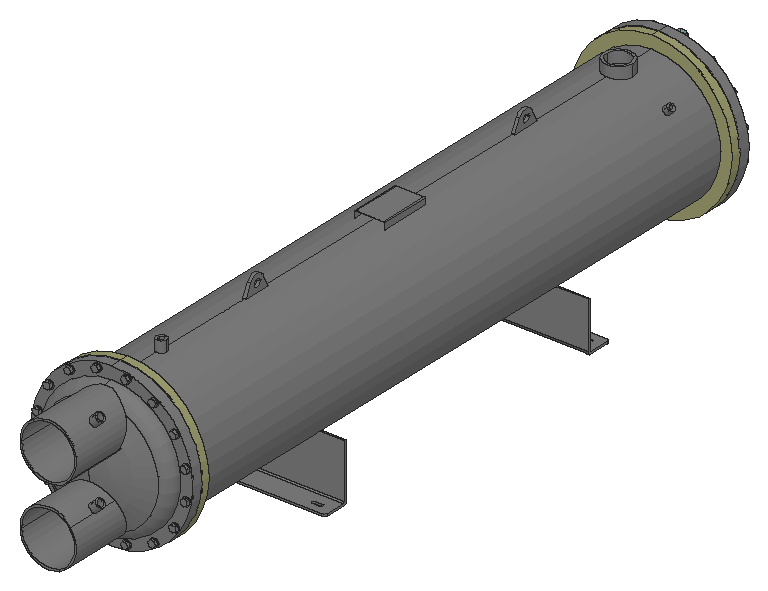
Revit family "MIT-BCM_1040_4P", category Specialty Equipment, Revit 2022
Family settings
  Round Connector Dimension = Use Radius
  Part Type = Normal
  Work Plane-Based = No
  Always vertical = Yes
  Cut with Voids When Loaded = No
  Maintain Annotation Orientation = No
  Shared = No
  Room Calculation Point = No
Parameters
  URL = "https://en.ekinendustriyel.com/evaporators-and-condensers"
  Test Pressure = 64.35 bar
  Production Standard = "TS EN 13831"
  Operating Pressure = 45.0 bar
  Model = "MIT-BCM 1040_4P"
  Manufacturer = "Ekin Endüstriyel"
  Keynote = "Condensers"
  Description = "MIT- Condensers"
  Default Elevation = 0 mm
Reference planes
  plane 1 "Center (Front/Back)": y = 0
  plane 2: z = 0
  plane 3 "Center (Left/Right)": x = 0
  plane 4 "Center L/S": z = 189.822
Forms (mm)
  Extrusion 1, solid, material "Ekin Endustriyel-S235JR"
    sketch origin (0, 0, 0) x (1, 0, 0) y (0, 0, 1)
      loop
        circle (0, 303.2) r 203.2
    from -1014.666 to 935.166
  Extrusion 2, solid, material "Ekin Endustriyel-S235JR"
    sketch origin (0, 40, 265.699) x (1, 0, 0) y (0, 0, 1)
      loop
        line (-45, 213.306) -> (-44, 213.306) -> (-44, 252.88)
        arc (-44, 252.88) -> (-43.414, 254.294) -> (-42, 254.88) r 2
        line (-42, 254.88) -> (42, 254.88)
        arc (42, 254.88) -> (43.414, 254.294) -> (44, 252.88) r 2
        line (44, 252.88) -> (44, 204.624) -> (45, 204.624) -> (45, 252.88)
        arc (45, 252.88) -> (44.121, 255.002) -> (42, 255.88) r 3
        line (42, 255.88) -> (-42, 255.88)
        arc (-42, 255.88) -> (-44.121, 255.002) -> (-45, 252.88) r 3
        line (-45, 252.88) -> (-45, 213.306)
    from -75 to 75
  Extrusion 3, solid, material "Ekin Endustriyel-S235JR"
    sketch origin (0, 640.19, 79.455) x (1, 0, 0) y (0, 1, 0)
      loop
        circle (0, 249.81) r 42.75
      loop
        circle (0, 249.81) r 35.079
    from 456.945 to 380.83
  Extrusion 4, solid, material "Ekin Endustriyel-S235JR"
    sketch origin (0, -559.681, 76.35) x (1, 0, 0) y (0, 1, 0)
      loop
        circle (0, -250.334) r 15
      loop
        circle (0, -250.334) r 8.928
    from 460.05 to 374.088
  Extrusion 5, solid, material "Ekin Endustriyel-S235JR"
    sketch origin (122.291, 889.856, 401.812) x (0, 1, 0) y (-0.707107, 0, 0.707107)
      loop
        circle (0.144, 16.744) r 11
      loop
        circle (0.144, 16.744) r 6.244
    from 64.998 to -32.02
  Extrusion 6, solid, material "Ekin Endustriyel-S235JR"
    sketch origin (0, -500.291, 0) x (1, 0, 0) y (0, 1, 0)
      loop
        circle (0, -309.709) r 29.75
      loop
        circle (0, -309.709) r 23.144
    from 70 to 169.15
  Extrusion 7, solid, material "Ekin Endustriyel-S235JR", detail levels coarse
    sketch origin (0, 0, 12.15) x (1, 0, 0) y (0, 0, 1)
      loop
        circle (0, 291.05) r 240
    from -1158.593 to 1229.2
  Extrusion 8, solid, material "Ekin Endustriyel-S235JR"
    sketch origin (0, -275.334, 0) x (0, -1, 0) y (0, 0, -1)
      loop
        line (134.666, -9) -> (134.666, -170) -> (139.666, -170) -> (139.666, -9)
        arc (139.666, -9) -> (140.837, -6.172) -> (143.666, -5) r 4
        line (143.666, -5) -> (214.666, -5) -> (214.666, 0) -> (143.666, 0)
        arc (143.666, 0) -> (137.302, -2.636) -> (134.666, -9) r 9
    from -230 to 230
  Extrusion 9, solid, material "Ekin Endustriyel-S235JR", detail levels medium+fine
    sketch origin (40, -549.666, 12.133) x (1, 0, 0) y (0, 0, 1)
      loop
        circle (-40, 406.067) r 79.2
      loop
        circle (-40, 176.067) r 79.2
      loop
        arc (27.319, 355.576) -> (-31.258, 489.761) -> (-116.3, 370.577) r 84.15
        arc (-116.3, 370.577) -> (-48.742, 322.372) -> (27.319, 355.576) r 84.15
      loop
        arc (-116.3, 211.556) -> (-31.258, 92.372) -> (27.319, 226.558) r 84.15
        arc (27.319, 226.558) -> (-48.742, 259.761) -> (-116.3, 211.556) r 84.15
    from 390.526 to 679.534
  Extrusion 10, solid, material "Ekin Endustriyel-S235JR"
    sketch origin (0, -0.334, 150.102) x (0, -1, 0) y (0, 0, -1)
      loop
        line (-644.444, -224.729) -> (-562.806, -392.192)
        arc (-562.806, -392.192) -> (-540.334, -406.237) -> (-517.863, -392.192) r 25
        line (-517.863, -392.192) -> (-436.225, -224.729) -> (-644.444, -224.729)
      loop
        circle (-540.334, -381.237) r 12.5
      loop
        line (553.432, -245.946) -> (365.899, -245.946) -> (437.194, -392.192)
        arc (437.194, -392.192) -> (459.666, -406.237) -> (482.137, -392.192) r 25
        line (482.137, -392.192) -> (553.432, -245.946)
      loop
        circle (459.666, -381.237) r 12.5
    from -5 to 5
  Extrusion 11, solid, material "Ekin Endustriyel-AISI316L", detail levels medium+fine
    sketch origin (0, -549.666, 12.133) x (1, 0, 0) y (0, 0, 1)
      loop
        circle (0, 291.067) r 240
    from 385.5 to 409.5
  Extrusion 12, solid, material "Ekin Endustriyel-S235JR"
    sketch origin (0, 356.334, 0) x (0, 1, 0) y (0, 0, 1)
      loop
        arc (134.666, 9) -> (137.302, 2.636) -> (143.666, 0) r 9
        line (143.666, 0) -> (213.666, 0) -> (213.666, 5) -> (143.666, 5)
        arc (143.666, 5) -> (140.837, 6.172) -> (139.666, 9) r 4
        line (139.666, 9) -> (139.666, 150) -> (134.666, 150) -> (134.666, 9)
    from -230 to 230
  Extrusion 13, void
    sketch origin (0, 551, 5) x (0, -1, 0) y (1, 0, 0)
      loop
        line (17.25, 175) -> (17.25, 195)
        arc (17.25, 195) -> (11, 201.25) -> (4.75, 195) r 6.25
        line (4.75, 195) -> (4.75, 175)
        arc (4.75, 175) -> (11, 168.75) -> (17.25, 175) r 6.25
      loop
        line (-9, 230) -> (-29, 230) -> (-29, -230) -> (-9, -230)
        arc (-9, -230) -> (-16.071, -227.071) -> (-19, -220) r 10
        line (-19, -220) -> (-19, 220)
        arc (-19, 220) -> (-16.071, 227.071) -> (-9, 230) r 10
      loop
        arc (4.75, -195) -> (11, -201.25) -> (17.25, -195) r 6.25
        line (17.25, -195) -> (17.25, -175)
        arc (17.25, -175) -> (11, -168.75) -> (4.75, -175) r 6.25
        line (4.75, -175) -> (4.75, -195)
    from -5 to 0
  Extrusion 14, solid, material "Ekin Endustriyel-S235JR", detail levels medium+fine
    sketch origin (-265.667, -549.666, 277.8) x (0, 0, -1) y (-1, 0, 0)
      loop
        line (-255.169, -303.425) -> (-255.938, -314.367) -> (-246.846, -320.505) -> (-236.985, -315.699) -> (-236.216, -304.757) -> (-245.308, -298.619) -> (-255.169, -303.425)
      loop
        line (-255.169, -227.909) -> (-245.308, -232.714) -> (-236.216, -226.577) -> (-236.985, -215.634) -> (-246.846, -210.829) -> (-255.938, -216.966) -> (-255.169, -227.909)
      loop
        line (204.369, -303.425) -> (194.508, -298.619) -> (185.416, -304.757) -> (186.185, -315.699) -> (196.046, -320.505) -> (205.138, -314.367) -> (204.369, -303.425)
      loop
        line (204.369, -227.909) -> (205.138, -216.966) -> (196.046, -210.829) -> (186.185, -215.634) -> (185.416, -226.577) -> (194.508, -232.714) -> (204.369, -227.909)
      loop
        line (12.358, -495.436) -> (23.301, -496.205) -> (29.438, -487.112) -> (24.633, -477.251) -> (13.69, -476.482) -> (7.553, -485.574) -> (12.358, -495.436)
      loop
        line (-63.158, -495.436) -> (-58.353, -485.574) -> (-64.49, -476.482) -> (-75.433, -477.251) -> (-80.238, -487.112) -> (-74.101, -496.205) -> (-63.158, -495.436)
      loop
        line (12.358, -35.898) -> (7.553, -45.759) -> (13.69, -54.851) -> (24.633, -54.082) -> (29.438, -44.221) -> (23.301, -35.129) -> (12.358, -35.898)
      loop
        line (-63.158, -35.898) -> (-74.101, -35.129) -> (-80.238, -44.221) -> (-75.433, -54.082) -> (-64.49, -54.851) -> (-58.353, -45.759) -> (-63.158, -35.898)
      loop
        line (-161.172, -454.837) -> (-153.978, -463.118) -> (-143.209, -461.029) -> (-139.634, -450.658) -> (-146.828, -442.377) -> (-157.597, -444.466) -> (-161.172, -454.837)
      loop
        line (-214.57, -401.439) -> (-204.199, -397.864) -> (-202.11, -387.095) -> (-210.391, -379.901) -> (-220.762, -383.476) -> (-222.851, -394.245) -> (-214.57, -401.439)
      loop
        line (163.77, -129.895) -> (153.399, -133.47) -> (151.31, -144.238) -> (159.591, -151.432) -> (169.962, -147.857) -> (172.051, -137.088) -> (163.77, -129.895)
      loop
        line (110.372, -76.497) -> (103.178, -68.215) -> (92.409, -70.305) -> (88.834, -80.675) -> (96.028, -88.957) -> (106.797, -86.867) -> (110.372, -76.497)
      loop
        line (163.77, -401.439) -> (172.051, -394.245) -> (169.962, -383.476) -> (159.591, -379.901) -> (151.31, -387.095) -> (153.399, -397.864) -> (163.77, -401.439)
      loop
        line (110.372, -454.837) -> (106.797, -444.466) -> (96.028, -442.377) -> (88.834, -450.658) -> (92.409, -461.029) -> (103.178, -463.118) -> (110.372, -454.837)
      loop
        line (-161.172, -76.497) -> (-157.597, -86.867) -> (-146.828, -88.957) -> (-139.634, -80.675) -> (-143.209, -70.305) -> (-153.978, -68.215) -> (-161.172, -76.497)
      loop
        line (-214.57, -129.895) -> (-222.851, -137.088) -> (-220.762, -147.857) -> (-210.391, -151.432) -> (-202.11, -144.238) -> (-204.199, -133.47) -> (-214.57, -129.895)
    from -452.334 to -444.834
  Extrusion 15, solid, material "Ekin Endustriyel-S235JR", detail levels medium+fine
    sketch origin (-265.667, -549.666, 277.8) x (0, 0, -1) y (-1, 0, 0)
      loop
        circle (-246.077, -309.562) r 11.75
      loop
        circle (-246.077, -221.771) r 11.75
      loop
        circle (195.277, -309.562) r 11.75
      loop
        circle (195.277, -221.771) r 11.75
      loop
        circle (-150.274, -453.059) r 11.75
      loop
        circle (-212.352, -390.981) r 11.75
      loop
        circle (161.81, -140.975) r 11.75
      loop
        circle (99.732, -78.897) r 11.75
      loop
        circle (18.624, -486.655) r 11.75
      loop
        circle (-69.166, -486.655) r 11.75
      loop
        circle (18.624, -45.301) r 11.75
      loop
        circle (-69.166, -45.301) r 11.75
      loop
        circle (161.81, -390.981) r 11.75
      loop
        circle (99.732, -453.059) r 11.75
      loop
        circle (-150.274, -78.897) r 11.75
      loop
        circle (-212.352, -140.975) r 11.75
    from -444.834 to -442.334
  Extrusion 16, solid, material "Ekin Endustriyel-S235JR", detail levels medium+fine
    sketch origin (41.929, -1134.762, 439.914) x (0, 1, 0) y (-0.707107, 0, 0.707107)
      loop
        circle (0.583, 14.294) r 13.45
      loop
        circle (0.583, 14.294) r 10.65
    from 64.998 to 37.156
  Extrusion 17, solid, material "Ekin Endustriyel-S235JR", detail levels medium+fine
    sketch origin (41.929, -1134.762, 209.914) x (0, 1, 0) y (-0.707107, 0, 0.707107)
      loop
        circle (0.583, 14.294) r 13.45
      loop
        circle (0.583, 14.294) r 10.65
    from 64.998 to 37.156
  Extrusion 18, solid, material "Ekin Endustriyel-S235JR", detail levels medium+fine
    sketch origin (0, -577.737, 12.133) x (1, 0, 0) y (0, 0, 1)
      loop
        circle (0, 291.067) r 240
    from 381.5 to 414.5
  Extrusion 19, solid, material "Ekin Endustriyel-AISI316L", detail levels medium+fine
    sketch origin (0, 549.666, 12.133) x (1, 0, 0) y (0, 0, -1)
      loop
        circle (0, -291.067) r 240
    from 465 to 490
  Revolve 20, solid, material "Ekin Endustriyel-S235JR", detail levels medium+fine
    sketch origin (0, 549.666, 12.133) x (0, -1, 0) y (0, 0, -1)
      loop
        line (-523.072, -291.067) -> (-609.631, -291.067)
        arc (-609.631, -291.067) -> (-598.405, -380.757) -> (-567.342, -465.642) r 400.314
        arc (-567.342, -465.642) -> (-550.309, -487.811) -> (-523.072, -494.112) r 41.428
        line (-523.072, -494.112) -> (-523.072, -291.067)
      axis (-523.072, -291.067) -> (-609.631, -291.067)
    angle from 0 to 360
  Extrusion 21, solid, material "Ekin Endustriyel-S235JR", detail levels medium+fine
    sketch origin (-265.667, 549.666, 277.8) x (0, 0, -1) y (1, 0, 0)
      loop
        line (-255.169, 303.425) -> (-245.308, 298.619) -> (-236.216, 304.757) -> (-236.985, 315.699) -> (-246.846, 320.505) -> (-255.938, 314.367) -> (-255.169, 303.425)
      loop
        line (-255.169, 227.909) -> (-255.938, 216.966) -> (-246.846, 210.829) -> (-236.985, 215.634) -> (-236.216, 226.577) -> (-245.308, 232.714) -> (-255.169, 227.909)
      loop
        line (204.369, 303.425) -> (205.138, 314.367) -> (196.046, 320.505) -> (186.185, 315.699) -> (185.416, 304.757) -> (194.508, 298.619) -> (204.369, 303.425)
      loop
        line (204.369, 227.909) -> (194.508, 232.714) -> (185.416, 226.577) -> (186.185, 215.634) -> (196.046, 210.829) -> (205.138, 216.966) -> (204.369, 227.909)
      loop
        line (12.358, 495.436) -> (7.553, 485.574) -> (13.69, 476.482) -> (24.633, 477.251) -> (29.438, 487.112) -> (23.301, 496.205) -> (12.358, 495.436)
      loop
        line (-63.158, 495.436) -> (-74.101, 496.205) -> (-80.238, 487.112) -> (-75.433, 477.251) -> (-64.49, 476.482) -> (-58.353, 485.574) -> (-63.158, 495.436)
      loop
        line (12.358, 35.898) -> (23.301, 35.129) -> (29.438, 44.221) -> (24.633, 54.082) -> (13.69, 54.851) -> (7.553, 45.759) -> (12.358, 35.898)
      loop
        line (-63.158, 35.898) -> (-58.353, 45.759) -> (-64.49, 54.851) -> (-75.433, 54.082) -> (-80.238, 44.221) -> (-74.101, 35.129) -> (-63.158, 35.898)
      loop
        line (-161.172, 454.837) -> (-157.597, 444.466) -> (-146.828, 442.377) -> (-139.634, 450.658) -> (-143.209, 461.029) -> (-153.978, 463.118) -> (-161.172, 454.837)
      loop
        line (-214.57, 401.439) -> (-222.851, 394.245) -> (-220.762, 383.476) -> (-210.391, 379.901) -> (-202.11, 387.095) -> (-204.199, 397.864) -> (-214.57, 401.439)
      loop
        line (163.77, 129.895) -> (172.051, 137.088) -> (169.962, 147.857) -> (159.591, 151.432) -> (151.31, 144.238) -> (153.399, 133.47) -> (163.77, 129.895)
      loop
        line (110.372, 76.497) -> (106.797, 86.867) -> (96.028, 88.957) -> (88.834, 80.675) -> (92.409, 70.305) -> (103.178, 68.215) -> (110.372, 76.497)
      loop
        line (163.77, 401.439) -> (153.399, 397.864) -> (151.31, 387.095) -> (159.591, 379.901) -> (169.962, 383.476) -> (172.051, 394.245) -> (163.77, 401.439)
      loop
        line (110.372, 454.837) -> (103.178, 463.118) -> (92.409, 461.029) -> (88.834, 450.658) -> (96.028, 442.377) -> (106.797, 444.466) -> (110.372, 454.837)
      loop
        line (-161.172, 76.497) -> (-153.978, 68.215) -> (-143.209, 70.305) -> (-139.634, 80.675) -> (-146.828, 88.957) -> (-157.597, 86.867) -> (-161.172, 76.497)
      loop
        line (-214.57, 129.895) -> (-204.199, 133.47) -> (-202.11, 144.238) -> (-210.391, 151.432) -> (-220.762, 147.857) -> (-222.851, 137.088) -> (-214.57, 129.895)
    from -532.334 to -523.072
  Extrusion 22, solid, material "Ekin Endustriyel-S235JR", detail levels medium+fine
    sketch origin (-265.667, 549.666, 277.8) x (0, 0, -1) y (1, 0, 0)
      loop
        circle (-246.077, 309.562) r 11.75
      loop
        circle (-246.077, 221.771) r 11.75
      loop
        circle (195.277, 309.562) r 11.75
      loop
        circle (195.277, 221.771) r 11.75
      loop
        circle (-150.274, 453.059) r 11.75
      loop
        circle (-212.352, 390.981) r 11.75
      loop
        circle (161.81, 140.975) r 11.75
      loop
        circle (99.732, 78.897) r 11.75
      loop
        circle (18.624, 486.655) r 11.75
      loop
        circle (-69.166, 486.655) r 11.75
      loop
        circle (18.624, 45.301) r 11.75
      loop
        circle (-69.166, 45.301) r 11.75
      loop
        circle (161.81, 390.981) r 11.75
      loop
        circle (99.732, 453.059) r 11.75
      loop
        circle (-150.274, 78.897) r 11.75
      loop
        circle (-212.352, 140.975) r 11.75
    from -524.834 to -523.072
  Extrusion 23, solid, material "Ekin Endustriyel-S235JR", detail levels medium+fine
    sketch origin (0, 577.737, 12.133) x (1, 0, 0) y (0, 0, -1)
      loop
        circle (0, -291.067) r 240
    from 462.5 to 495
  Extrusion 24, solid, material "Ekin Endustriyel-Zinc", detail levels medium+fine
    sketch origin (0.583, 1082.367, 454.339) x (-1, 0, 0) y (0, -0.5, 0.866025)
      loop
        circle (0.583, 14.294) r 13.45
    from 64.998 to 24.615
  Extrusion 25, solid, material "Ekin Endustriyel-S235JR", detail levels medium+fine
    sketch origin (0.583, 1082.367, 152.061) x (-1, 0, 0) y (0, 0.5, 0.866025)
      loop
        circle (0.583, -14.294) r 13.45
    from 64.998 to 37.156
  Extrusion 26, void
    sketch origin (0, -471, 5) x (0, 1, 0) y (-1, 0, 0)
      loop
        arc (17.25, -175) -> (11, -168.75) -> (4.75, -175) r 6.25
        line (4.75, -175) -> (4.75, -195)
        arc (4.75, -195) -> (11, -201.25) -> (17.25, -195) r 6.25
        line (17.25, -195) -> (17.25, -175)
      loop
        arc (-9, -230) -> (-16.071, -227.071) -> (-19, -220) r 10
        line (-19, -220) -> (-19, 220)
        arc (-19, 220) -> (-16.071, 227.071) -> (-9, 230) r 10
        line (-9, 230) -> (-29, 230) -> (-29, -230) -> (-9, -230)
      loop
        line (4.75, 195) -> (4.75, 175)
        arc (4.75, 175) -> (11, 168.75) -> (17.25, 175) r 6.25
        line (17.25, 175) -> (17.25, 195)
        arc (17.25, 195) -> (11, 201.25) -> (4.75, 195) r 6.25
    from -5 to 0
  Revolve 27, solid, material "Ekin Endustriyel-S235JR", detail levels medium+fine
    sketch origin (0, -469.166, 12.133) x (0, 1, 0) y (0, 0, 1)
      loop
        line (-523.072, 291.067) -> (-523.072, 494.112)
        arc (-523.072, 494.112) -> (-550.309, 487.811) -> (-567.342, 465.642) r 41.428
        arc (-567.342, 465.642) -> (-598.405, 380.757) -> (-609.631, 291.067) r 400.314
        line (-609.631, 291.067) -> (-523.072, 291.067)
      axis (-523.072, 291.067) -> (-609.631, 291.067)
    angle from 0 to 360
Cuts and joins
  Extrusion 26 cuts Extrusion 1
  Extrusion 26 cuts Extrusion 2
  Extrusion 26 cuts Extrusion 3
  Extrusion 26 cuts Extrusion 4
  Extrusion 26 cuts Extrusion 5
  Extrusion 26 cuts Extrusion 6
  Extrusion 13, Extrusion 26 cuts Extrusion 8
  Extrusion 26 cuts Extrusion 10
  Extrusion 13, Extrusion 26 cuts Extrusion 12
  joined: Extrusion 1, Extrusion 2, Extrusion 3, Extrusion 4, Extrusion 5, Extrusion 6, Extrusion 8, Extrusion 10, Extrusion 12
  joined: Extrusion 9, Extrusion 16, Extrusion 17
Dimensions and locks
  aligned and locked: level to plane 2
Connectors
  hvac at (0, 890, 536.4)
    settings: on Extrusion 3, index 3, duct flow 0.0 L/s, flow factor 0, pres drop 0.0 bar, loss coef 0, conn angle 0.00°, conn width 304.8 mm, conn height 304.8 mm, conn diameter 80 mm, duct sys type 3, conn prof type 0, flow config 0, flow direction 0, loss method 0, conn ref index -1, conn util no, is conn primary yes, conn desc ""
  hvac at (0, -810, 70)
    settings: on Extrusion 6, index 4, duct flow 0.0 L/s, flow factor 0, pres drop 0.0 bar, loss coef 0, conn angle 0.00°, conn width 304.8 mm, conn height 304.8 mm, conn diameter 54 mm, duct sys type 3, conn prof type 0, flow config 0, flow direction 0, loss method 0, conn ref index -1, conn util no, is conn primary no, conn desc ""
  piping at (0, -1229.2, 418.2), diameter 152.4
    settings: on Extrusion 9, index 5, connector inside diameter 609.6 mm, connector length 0 mm, flow factor 0, pipe flow 0.0 L/s, pressure drop 0.0 Pa, fitting loss kfactor 0, connector angle 0.00°, fixture units 0, engagement length 0 mm, angle of deflection 0.00°, flow configuration 0, flow direction 1, fitting loss method 0, system type 7, joint type 0, gender type 0, connector reference index -1, connector utility 0, adjustable connector no, is connector primary yes, connector description ""
  piping at (0, -1229.2, 188.2), diameter 152.4
    settings: on Extrusion 9, index 6, connector inside diameter 609.6 mm, connector length 0 mm, flow factor 0, pipe flow 0.0 L/s, pressure drop 0.0 Pa, fitting loss kfactor 0, connector angle 0.00°, fixture units 0, engagement length 0 mm, angle of deflection 0.00°, flow configuration 0, flow direction 2, fitting loss method 0, system type 7, joint type 0, gender type 0, connector reference index -1, connector utility 0, adjustable connector no, is connector primary no, connector description ""
